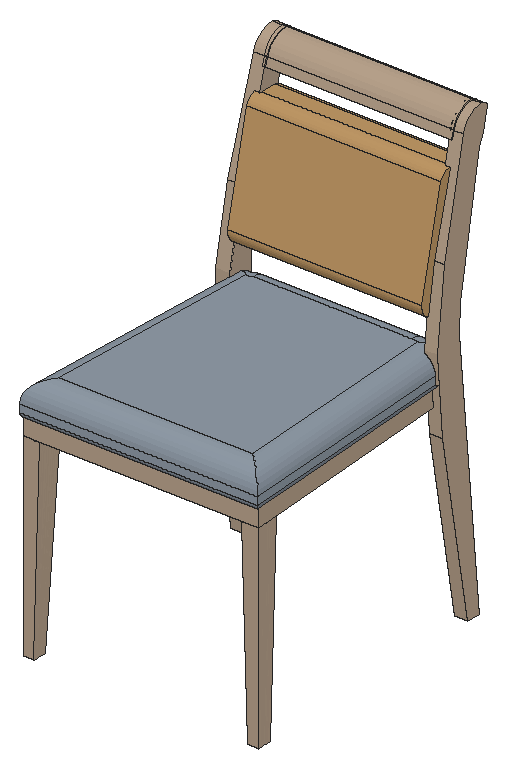
Revit family "FU_Chair_Sandler_Woodlook 1-18", category Furniture, Revit 2022
Family settings
  OmniClass Number = 23.40.20.00
  OmniClass Title = General Furniture and Specialties
  Work Plane-Based = No
  Always vertical = Yes
  Cut with Voids When Loaded = No
  Render Appearance Source = Family Geometry
  Shared = No
  Room Calculation Point = No
Parameters (values of type "Woodlook 1.18")
  Width = 450 mm
  URL = "https://www.sandlerseating.com/product/woodlook-1-18/"
  Seat [instance] = Fabric - Gravity - Frozen CPC27
  Model = "Woodlook 1.18"
  Manufacturer = "Sandler"
  Height = 840 mm
  Frame [instance] = Woodlook - 21A Teak
  Description = "Woodlook side chair with frame manufactured entirely from aluminum but with realistic appearance of wood. Highly durable and scratch resistant. Stacks 5 on the floor."
  Depth = 575 mm
  Default Elevation = 0 mm
  Back [instance] = Fabric - Gravity - Sunni CPC20
Reference planes
  plane 1 "Center (Front/Back)": y = 0
  plane 2: z = 0
  plane 3 "Center (Left/Right)": x = 0
  plane 4 "Right": x = -225
  plane 5 "Left": x = 225
  plane 6 "Front": y = -287.5
  plane 7 "Back": y = 287.5
  plane 8 "Height": z = 840
  plane 9 "Seat Height": z = 470
  plane 10 "Seat Frame Base": z = 373.295
  plane 11 "Seat Frame Top": z = 420.295
  plane 12 "BRL FRONT": through (-212.909, -1524, 0) normal (-0.9995, 0, 0.0318)
Forms (mm)
  Blend 1, solid, material "Woodlook - 21A Teak" <- "Frame"
    base sketch origin (0, 0, 0) x (1, 0, 0) y (0, 1, 0)
      loop
        line (-222.909, -282.363) -> (-202.909, -282.363) -> (-202.909, -257.363) -> (-222.909, -257.363) -> (-222.909, -282.363)
    top sketch origin (0, 0, 0) x (1, 0, 0) y (0, 1, 0)
      loop
        line (-222.909, -282.363) -> (-190.909, -282.363) -> (-188.721, -239.363) -> (-220.721, -239.363) -> (-222.909, -282.363)
    from 0 to 373.295
  Blend 2, solid, material "Woodlook - 21A Teak" <- "Frame"
    base sketch origin (0, 0, 0) x (-1, 0, 0) y (0, -1, 0)
      loop
        line (-222.909, 282.363) -> (-222.909, 257.363) -> (-202.909, 257.363) -> (-202.909, 282.363) -> (-222.909, 282.363)
    top sketch origin (0, 0, 0) x (-1, 0, 0) y (0, -1, 0)
      loop
        line (-222.909, 282.363) -> (-220.721, 239.363) -> (-188.721, 239.363) -> (-190.909, 282.363) -> (-222.909, 282.363)
    from 0 to 373.295
  Extrusion 3, solid, material "Woodlook - 21A Teak" <- "Frame"
    sketch origin (-212.693, 0, 6.774) x (-0.031833, 0, -0.999493) y (0, -1, 0)
      loop
        line (6.809, -210.861) -> (-318.88, -163.854)
        arc (-318.88, -163.854) -> (-462.331, -157.818) -> (-604.064, -180.766) r 710
        line (-604.064, -180.766) -> (-800.373, -233.366)
        arc (-800.373, -233.366) -> (-824.427, -249.439) -> (-833.726, -276.833) r 45
        arc (-833.726, -276.833) -> (-832.929, -281.239) -> (-830.639, -285.086) r 12.578
        arc (-830.639, -285.086) -> (-828.16, -286.837) -> (-825.151, -287.241) r 6.372
        arc (-825.151, -287.241) -> (-794.113, -280.166) -> (-765.571, -266.067) r 135.949
        arc (-765.571, -266.067) -> (-646.769, -236.024) -> (-526.494, -212.557) r 2228.556
        arc (-526.494, -212.557) -> (-476.645, -207.708) -> (-426.6, -209.686) r 367.297
        line (-426.6, -209.686) -> (6.809, -235.687) -> (6.809, -210.861)
    from -13 to 12
  Extrusion 4, solid, material "Woodlook - 21A Teak" <- "Frame"
    sketch origin (0, 0, 0) x (0, 1, 0) y (0, 0, 1)
      loop
        line (233.289, 807.037) -> (229.214, 791.825) -> (276.546, 791.825)
        arc (276.546, 791.825) -> (283.385, 811.414) -> (287.164, 831.816) r 135.949
        arc (287.164, 831.816) -> (286.76, 834.824) -> (285.009, 837.304) r 6.372
        arc (285.009, 837.304) -> (281.162, 839.593) -> (276.756, 840.39) r 12.578
        arc (276.756, 840.39) -> (249.362, 831.091) -> (233.289, 807.037) r 45
    from -179 to 178.965
  Extrusion 5, solid, material "Woodlook - 21A Teak" <- "Frame"
    sketch origin (212.693, 0, 6.774) x (0.031833, 0, -0.999493) y (0, 1, 0)
      loop
        line (6.809, 210.861) -> (6.809, 235.687) -> (-426.6, 209.686)
        arc (-426.6, 209.686) -> (-476.645, 207.708) -> (-526.494, 212.557) r 367.297
        arc (-526.494, 212.557) -> (-646.769, 236.024) -> (-765.571, 266.067) r 2228.556
        arc (-765.571, 266.067) -> (-794.113, 280.166) -> (-825.151, 287.241) r 135.949
        arc (-825.151, 287.241) -> (-828.16, 286.837) -> (-830.639, 285.086) r 6.372
        arc (-830.639, 285.086) -> (-832.929, 281.239) -> (-833.726, 276.833) r 12.578
        arc (-833.726, 276.833) -> (-824.427, 249.439) -> (-800.373, 233.366) r 45
        line (-800.373, 233.366) -> (-604.064, 180.766)
        arc (-604.064, 180.766) -> (-462.331, 157.818) -> (-318.88, 163.854) r 710
        line (-318.88, 163.854) -> (6.809, 210.861)
    from -13 to 12
  Extrusion 6, solid, material "Woodlook - 21A Teak" <- "Frame"
    sketch origin (0, 0, 373.295) x (0, -1, 0) y (1, 0, 0)
      loop
        line (282.363, -222.909) -> (282.363, 222.909) -> (-196.601, 194.399) -> (-206.481, 147.921) -> (-206.481, -145.821) -> (-196.149, -194.426) -> (282.363, -222.909)
      loop
        line (-151.77, -167.69) -> (262.363, -188.758) -> (262.363, 188.758) -> (-151.77, 167.69) -> (-151.77, -167.69)
    from 0 to 47
  Extrusion 7, solid, material "Fabric - Gravity - Sunni CPC20" <- "Back"
    sketch origin (0, -8.983, -38.909) x (0, 1, 0) y (0, 0, 1)
      loop
        arc (162.199, 583.859) -> (166.069, 567.98) -> (179.602, 558.817) r 22.698
        line (179.602, 558.817) -> (199.176, 554.298)
        arc (199.176, 554.298) -> (216.808, 556.73) -> (228.353, 570.278) r 25
        arc (228.353, 570.278) -> (257.879, 672.432) -> (274.878, 777.4) r 880.707
        arc (274.878, 777.4) -> (271.556, 787.508) -> (261.83, 791.825) r 13.114
        line (261.83, 791.825) -> (231.616, 791.825)
        arc (231.616, 791.825) -> (216.642, 787.044) -> (207.21, 774.47) r 25.838
        arc (207.21, 774.47) -> (179.81, 680.32) -> (162.199, 583.859) r 955.908
    from -184 to 184
  Extrusion 8, solid, material "Fabric - Gravity - Frozen CPC27" <- "Seat"
    sketch origin (0, 0, 470) x (-1, 0, 0) y (0, -1, 0)
      loop
        line (225, 287.5) -> (-225, 287.5) -> (-201.468, -191.678)
        arc (-201.468, -191.678) -> (-177.565, -206.326) -> (-150, -211.435) r 76.918
        line (-150, -211.435) -> (150, -211.435)
        arc (150, -211.435) -> (177.565, -206.326) -> (201.468, -191.678) r 76.918
        line (201.468, -191.678) -> (225, 287.5)
    from -65.451 to 0
  Sweep 9, void
    path in 3D
      loop
        line (225, -287.5, 470) -> (201.468, 191.678, 470)
        arc (201.468, 191.678, 470) -> (177.565, 206.326, 470) -> (150, 211.435, 470) r 76.918
        line (150, 211.435, 470) -> (-150, 211.435, 470)
        arc (-150, 211.435, 470) -> (-177.565, 206.326, 470) -> (-201.468, 191.678, 470) r 76.918
        line (-201.468, 191.678, 470) -> (-225, -287.5, 470) -> (225, -287.5, 470)
    profile "Pro_edgeCut_40mm : Pro_edgeCut_40mm" origin (0, -287.5, 470) x (0, 1, 0) y (0, 0, 1)
      loop
        line (7.071, 21.213) -> (-21.213, -7.071) -> (0, -40)
        arc (0, -40) -> (11.716, -11.716) -> (40, 0) r 40
        line (40, 0) -> (7.071, 21.213)
  Sweep 10, void
    path in 3D
      loop
        line (-225, -287.5, 404.549) -> (-201.468, 191.678, 404.549)
        arc (-201.468, 191.678, 404.549) -> (-177.565, 206.326, 404.549) -> (-150, 211.435, 404.549) r 76.918
        line (-150, 211.435, 404.549) -> (150, 211.435, 404.549)
        arc (150, 211.435, 404.549) -> (177.565, 206.326, 404.549) -> (201.468, 191.678, 404.549) r 76.918
        line (201.468, 191.678, 404.549) -> (225, -287.5, 404.549) -> (-225, -287.5, 404.549)
    profile "Pro_edgeCut_10mm : Pro_edgeCut_10mm" origin (0, -287.5, 404.549) x (0, 1, 0) y (0, 0, -1)
      loop
        line (7.071, 21.213) -> (-21.213, -7.071) -> (0, -14.142) -> (0, -10)
        arc (0, -10) -> (2.929, -2.929) -> (10, 0) r 10
        line (10, 0) -> (14.142, 0) -> (7.071, 21.213)
Cuts and joins
  Sweep 9, Sweep 10 cuts Extrusion 8
Lines and regions (mm)
  sketch lines
    curve 1: line (-225, -287.5, 470) -> (225, -287.5, 470)
    curve 2: line (225, -287.5, 470) -> (201.468, 191.678, 470)
    curve 3: arc (150, 211.435, 470) -> (177.565, 206.326, 470) -> (201.468, 191.678, 470) r 76.918
    curve 4: line (150, 211.435, 470) -> (-150, 211.435, 470)
    curve 5: arc (-201.468, 191.678, 470) -> (-177.565, 206.326, 470) -> (-150, 211.435, 470) r 76.918
    curve 6: line (-201.468, 191.678, 470) -> (-225, -287.5, 470)
    curve 7: line (225, -287.5, 404.549) -> (-225, -287.5, 404.549)
    curve 8: line (-225, -287.5, 404.549) -> (-201.468, 191.678, 404.549)
    curve 9: arc (-150, 211.435, 404.549) -> (-177.565, 206.326, 404.549) -> (-201.468, 191.678, 404.549) r 76.918
    curve 10: line (-150, 211.435, 404.549) -> (150, 211.435, 404.549)
    curve 11: arc (201.468, 191.678, 404.549) -> (177.565, 206.326, 404.549) -> (150, 211.435, 404.549) r 76.918
    curve 12: line (201.468, 191.678, 404.549) -> (225, -287.5, 404.549)
Dimensions and locks
  equal spacing: plane 4 "Right", plane 3 "Center (Left/Right)", plane 5 "Left"
  equal spacing: plane 7 "Back", plane 1 "Center (Front/Back)", plane 6 "Front"
  "Width": plane 4 "Right" to plane 5 "Left"
  "Depth": plane 7 "Back" to plane 6 "Front"
  "Height": plane 8 "Height" to level
  aligned and locked: level to plane 2
Automatic sketch dimensions
  plane 4 "Right" to Blend 1 sketch curve = 2.091 mm  (x2)
  Blend 1 sketch curve to Blend 1 sketch curve = 20 mm
  plane 6 "Front" to Blend 1 sketch curve = 5.137 mm  (x2)
  Blend 1 sketch curve to Blend 1 sketch curve = 25 mm
  plane 4 "Right" to Blend 1 sketch curve = 4.279 mm
  Blend 1 sketch curve to Blend 1 sketch curve = 32 mm  (x2)
  Blend 1 sketch curve to Blend 1 sketch curve = 43 mm
  Blend 2 sketch curve to plane 5 "Left" = 2.091 mm  (x2)
  Blend 2 sketch curve to Blend 2 sketch curve = 20 mm
  plane 6 "Front" to Blend 2 sketch curve = 30.137 mm
  plane 6 "Front" to Blend 2 sketch curve = 5.137 mm  (x2)
  Blend 2 sketch curve to plane 5 "Left" = 4.279 mm
  Blend 2 sketch curve to Blend 2 sketch curve = 32 mm  (x2)
  Blend 2 sketch curve to Blend 2 sketch curve = 43 mm
  Extrusion 3 sketch curve to plane 7 "Back" = 135.434 mm
  Extrusion 3 sketch curve to plane 7 "Back" = 6.595 mm
  Extrusion 3 sketch curve to Extrusion 3 sketch curve = 13.808 mm
  Extrusion 3 sketch curve to Extrusion 3 sketch curve = 4.683 mm
  Extrusion 3 sketch curve to plane 7 "Back" = 54.134 mm
  Extrusion 3 sketch curve to Extrusion 3 sketch curve = 20.775 mm
  Extrusion 3 sketch curve to Extrusion 3 sketch curve = 32.422 mm
  Extrusion 3 sketch curve to plane 7 "Back" = 106.734 mm
  Extrusion 3 sketch curve to Extrusion 3 sketch curve = 196.308 mm
  Extrusion 3 sketch curve to Extrusion 3 sketch curve = 137.971 mm
  Extrusion 3 sketch curve to plane 7 "Back" = 77.814 mm
  Extrusion 3 sketch curve to Extrusion 3 sketch curve = 177.464 mm
  Extrusion 3 sketch curve to Extrusion 3 sketch curve = 45.791 mm
  Extrusion 3 sketch curve to plane 7 "Back" = 123.646 mm
  Extrusion 3 sketch curve to Extrusion 3 sketch curve = 107.72 mm
  Extrusion 3 sketch curve to Extrusion 3 sketch curve = 260.288 mm
  Extrusion 3 sketch curve to plane 7 "Back" = 51.813 mm
  Extrusion 3 sketch curve to Extrusion 3 sketch curve = 325.689 mm
  Extrusion 3 sketch curve to Extrusion 3 sketch curve = 1544.2 mm
  plane 7 "Back" to Extrusion 3 sketch curve = 287.354 mm
  Extrusion 3 sketch curve to Extrusion 3 sketch curve = 4.072 mm
  Extrusion 3 sketch curve to Extrusion 3 sketch curve = 24.826 mm
  Extrusion 3 sketch curve to Extrusion 3 sketch curve = 0 mm  (x3)
  Extrusion 3 sketch curve to plane 7 "Back" = 21.433 mm
  plane 8 "Height" to Extrusion 4 sketch curve = 6.303 mm
  Extrusion 4 sketch curve to plane 7 "Back" = 135.511 mm
  Extrusion 4 sketch curve to plane 7 "Back" = 58.286 mm
  Extrusion 4 sketch curve to Extrusion 4 sketch curve = 4.076 mm
  Extrusion 4 sketch curve to plane 7 "Back" = 10.954 mm
  Extrusion 4 sketch curve to Extrusion 4 sketch curve = 0.21 mm
  Extrusion 4 sketch curve to Extrusion 4 sketch curve = 4.072 mm
  Extrusion 4 sketch curve to plane 8 "Height" = 7.505 mm
  Extrusion 4 sketch curve to Extrusion 4 sketch curve = 4.683 mm
  Extrusion 4 sketch curve to plane 8 "Height" = 32.963 mm
  Extrusion 4 sketch curve to Extrusion 4 sketch curve = 32.422 mm
  Extrusion 4 sketch curve to Extrusion 4 sketch curve = 3.565 mm
  Extrusion 4 sketch curve to plane 7 "Back" = 2.491 mm
  Extrusion 4 sketch curve to Extrusion 4 sketch curve = 0 mm
  Extrusion 5 sketch curve to plane 7 "Back" = 135.434 mm
  Extrusion 5 sketch curve to plane 7 "Back" = 6.595 mm
  Extrusion 5 sketch curve to Extrusion 5 sketch curve = 13.808 mm
  Extrusion 5 sketch curve to Extrusion 5 sketch curve = 4.683 mm
  Extrusion 5 sketch curve to plane 7 "Back" = 54.134 mm
  Extrusion 5 sketch curve to Extrusion 5 sketch curve = 20.775 mm
  Extrusion 5 sketch curve to Extrusion 5 sketch curve = 32.422 mm
  Extrusion 5 sketch curve to plane 7 "Back" = 106.734 mm
  Extrusion 5 sketch curve to Extrusion 5 sketch curve = 196.308 mm
  Extrusion 5 sketch curve to Extrusion 5 sketch curve = 137.971 mm
  Extrusion 5 sketch curve to plane 7 "Back" = 77.814 mm
  Extrusion 5 sketch curve to Extrusion 5 sketch curve = 177.464 mm
  Extrusion 5 sketch curve to Extrusion 5 sketch curve = 45.791 mm
  Extrusion 5 sketch curve to plane 7 "Back" = 123.646 mm
  Extrusion 5 sketch curve to Extrusion 5 sketch curve = 107.72 mm
  Extrusion 5 sketch curve to Extrusion 5 sketch curve = 260.288 mm
  Extrusion 5 sketch curve to plane 7 "Back" = 51.813 mm
  Extrusion 5 sketch curve to Extrusion 5 sketch curve = 325.689 mm
  Extrusion 5 sketch curve to Extrusion 5 sketch curve = 24.826 mm
  Extrusion 5 sketch curve to Extrusion 5 sketch curve = 4.072 mm
  plane 7 "Back" to Extrusion 5 sketch curve = 287.354 mm
  Extrusion 5 sketch curve to Extrusion 5 sketch curve = 1544.2 mm
  Extrusion 5 sketch curve to Extrusion 5 sketch curve = 0 mm  (x3)
  Extrusion 5 sketch curve to plane 7 "Back" = 21.433 mm
  Extrusion 6 sketch curve to plane 7 "Back" = 81.019 mm
  Extrusion 6 sketch curve to plane 5 "Left" = 30.601 mm
  Extrusion 6 sketch curve to Extrusion 6 sketch curve = 9.879 mm
  plane 4 "Right" to Extrusion 6 sketch curve = 30.574 mm
  Extrusion 6 sketch curve to Extrusion 6 sketch curve = 10.331 mm
  Extrusion 6 sketch curve to Extrusion 6 sketch curve = 44.831 mm
  Extrusion 6 sketch curve to plane 5 "Left" = 2.091 mm
  plane 6 "Front" to Extrusion 6 sketch curve = 5.137 mm
  plane 4 "Right" to Extrusion 6 sketch curve = 2.091 mm
  Extrusion 6 sketch curve to Extrusion 6 sketch curve = 26.736 mm
  Extrusion 6 sketch curve to Extrusion 6 sketch curve = 48.605 mm
  Extrusion 6 sketch curve to Extrusion 6 sketch curve = 46.478 mm
  Extrusion 6 sketch curve to Extrusion 6 sketch curve = 26.709 mm
  plane 4 "Right" to Extrusion 6 sketch curve = 36.242 mm
  Extrusion 6 sketch curve to Extrusion 6 sketch curve = 20 mm
  Extrusion 6 sketch curve to plane 5 "Left" = 36.242 mm
  Extrusion 7 sketch curve to plane 8 "Height" = 13.457 mm
  Extrusion 7 sketch curve to plane 6 "Front" = 322.899 mm
  Extrusion 7 sketch curve to plane 7 "Back" = 116.881 mm
  Extrusion 7 sketch curve to Extrusion 7 sketch curve = 5.106 mm
  Extrusion 7 sketch curve to Extrusion 7 sketch curve = 19.574 mm
  Extrusion 7 sketch curve to Extrusion 7 sketch curve = 20.092 mm
  Extrusion 7 sketch curve to plane 7 "Back" = 64.867 mm
  Extrusion 7 sketch curve to plane 7 "Back" = 34.653 mm
  Extrusion 7 sketch curve to plane 9 "Seat Height" = 48.275 mm
  plane 7 "Back" to Extrusion 7 sketch curve = 813.649 mm
  plane 9 "Seat Height" to Extrusion 7 sketch curve = 45.389 mm
  Extrusion 7 sketch curve to Extrusion 7 sketch curve = 4.519 mm
  Extrusion 7 sketch curve to Extrusion 7 sketch curve = 24.359 mm
  Extrusion 7 sketch curve to Extrusion 7 sketch curve = 2.276 mm
  Extrusion 7 sketch curve to plane 8 "Height" = 112.922 mm
  Extrusion 7 sketch curve to Extrusion 7 sketch curve = 12.724 mm
  Extrusion 7 sketch curve to Extrusion 7 sketch curve = 13.114 mm
  Extrusion 7 sketch curve to Extrusion 7 sketch curve = 0 mm  (x2)
  Extrusion 8 sketch curve to plane 6 "Front" = 0 mm
  Extrusion 8 sketch curve to plane 5 "Left" = 0 mm
  Extrusion 8 sketch curve to plane 5 "Left" = 23.532 mm
  Extrusion 8 sketch curve to plane 5 "Left" = 75 mm
  plane 4 "Right" to Extrusion 8 sketch curve = 75 mm
  plane 4 "Right" to Extrusion 8 sketch curve = 23.532 mm
  Extrusion 8 sketch curve to plane 1 "Center (Front/Back)" = 134.517 mm  (x2)
  Extrusion 8 sketch curve to Extrusion 8 sketch curve = 57.161 mm
  plane 4 "Right" to Extrusion 8 sketch curve = 0 mm
